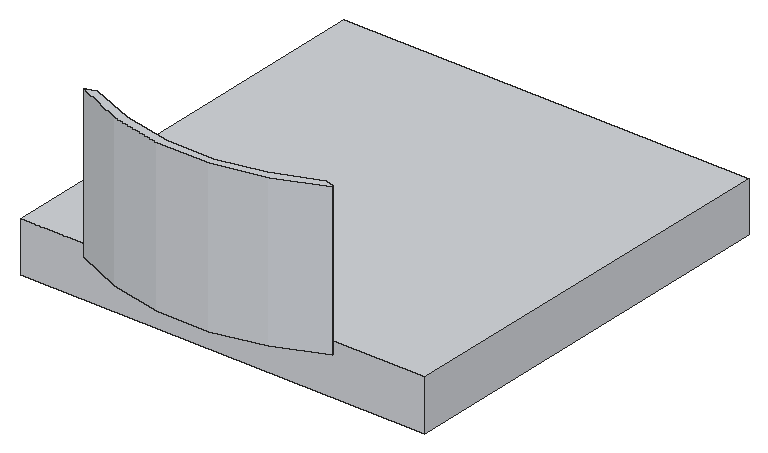
Revit family
Parameters
  Width = 0' - 1 15/16"
  URL = "www.coldspringgranite.com"
  TypicalJointSize = 0' - 0 1/4"
  TopJointOff = no
  TopJoint = if(TopJointOff, 0' 0", TypicalJointSize / 2)  # 0' - 0 1/8"
  StoneMaterial = none
  StoneAngle = 60.00°
  QuirkMiterRightVisibilityOff = not(QuirkMiterRightOn)  # no
  QuirkMiterRightProfileOn = if(QuirkMiterRightOn, 0' 0", Height * 2)  # 0' - 0"
  QuirkMiterRightOn = yes
  QuirkMiterLeftVisibilityOff = not(QuirkMiterLeftOn)  # no
  QuirkMiterLeftProfileOn = if(QuirkMiterLeftOn, 0' 0", Height * 2)  # 0' - 0"
  QuirkMiterLeftOn = yes
  QuirkMiterJoint = TypicalJointSize / 2  # 0' - 0 1/8"
  QuirkMiterFaceAngle = 2 * (asin(QuirkMiter / (2 * OutsideRadius)))  # 0.477466°
  QuirkMiterAngle = 45.00°
  QuirkMiter = 0' - 0 1/2"
  Product Name = "Wall Facing Stone Panels - Radial - Convex with Quirk Mitered Edges"
  Product Documentation Link = "http://www.coldspringgranite.com/BIM_Families/Family_Detail/Wall_Facing_Stone_Panels_-_Radial_-_Convex_with_Quirk_Mitered_Edges/"
  PhoneNumber = "800-551-7502"
  OutsideRise = OutsideRadius - (OutsideRadius * cos(StoneAngle / 2))  # 0' - 8.03848"
  OutsideRadius = 5' - 0"
  Notes = ""
  Model = "N/A"
  Manufacturer = "Cold Spring granite Company"
  Low Emitting Material = yes
  Low Emitting Finish = yes
  Location = "17482 Granite West Road, Cold Spring, MN  56320-4578"
  Length = 2 * (OutsideRadius * sin(StoneAngle / 2))  # 5' - 0"
  LEED Credit = ""
  Keynote = "044256"
  InsideRise = InsideRadius - (InsideRadius * cos(StoneAngle / 2))  # 0' - 7.7789"
  InsideRadius = OutsideRadius - Width  # 4' - 10 1/16"
  Height = 3' - 0"
  FrontHalfLengthRight = if(QuirkMiterRightOn, (OutsideRadius * sin((StoneAngle - (QuirkMiterFaceAngle * 2)) / 2)), (Length / 2))  # 2' - 5.56595"
  FrontHalfLengthLeft = if(QuirkMiterLeftOn, (OutsideRadius * sin((StoneAngle - (QuirkMiterFaceAngle * 2)) / 2)), (Length / 2))  # 2' - 5.56595"
  Description = "Convex Radial Wall Facing with Quirk Miter"
  Default Elevation = 0' - 0"
  BottomJointOff = no
  BottomJoint = if(BottomJointOff, 0' 0", TypicalJointSize / 2)  # 0' - 0 1/8"
  BackHalfLength = InsideRadius * sin(StoneAngle / 2)  # 2' - 5 1/32"
  Assembly Code = "B2010160"
Reference planes (in)
  plane 1 "Center (Front/Back)": y = 0
  plane 2: z = 0
  plane 3 "Center (Left/Right)": x = 0
  plane 4 "LeftBack": x = -29.03125
  plane 5 "Left Front": x = -29.56595
  plane 6 "Left": x = -30
  plane 7 "RightBack": x = 29.03125
  plane 8 "RightFront": x = 29.56595
  plane 9 "Right": x = 30
  plane 10 "BackEnds": y = -50.2836
  plane 11 "FrontEnds": y = -51.96152
  plane 12 "BackCenter": y = -58.0625
  plane 13 "FrontCenter": y = -60
  plane 14 "StoneBottom": z = 0.125
  plane 15 "StoneTop": z = 35.875
  plane 16 "Top": z = 36
  plane 17 "LeftTop": z = 35.875
  plane 18 "RightTop": z = 35.875
  plane 19 "LeftBottom": z = 0.125
  plane 20 "RightBottom": z = 0.125
Forms (in)
  Extrusion 1, solid
    sketch origin (0, 0, 0) x (1, 0, 0) y (0, 1, 0)
      loop
        line (-48, 48) -> (-48, -48) -> (48, -48) -> (48, 48) -> (-48, 48)
    from 0 to -12
  Extrusion 2, solid, material <- "StoneMaterial", detail levels coarse
    sketch origin (0, 0, 0) x (1, 0, 0) y (0, 1, 0)
      loop
        arc (-30, -51.96152) -> (0, -60) -> (30, -51.96152) r 60
        line (30, -51.96152) -> (29.03125, -50.2836)
        arc (29.03125, -50.2836) -> (0, -58.0625) -> (-29.03125, -50.2836) r 58.0625
        line (-29.03125, -50.2836) -> (-30, -51.96152)
    from 0 to 36
  Extrusion 3, solid, material <- "StoneMaterial", detail levels medium+fine
    sketch origin (0, 0, 0) x (1, 0, 0) y (0, 1, 0)
      loop
        arc (-30, -51.96152) -> (0, -60) -> (30, -51.96152) r 60
        line (30, -51.96152) -> (29.03125, -50.2836)
        arc (29.03125, -50.2836) -> (0, -58.0625) -> (-29.03125, -50.2836) r 58.0625
        line (-29.03125, -50.2836) -> (-30, -51.96152)
    from 0.125 to 35.875
  Extrusion 4, void, detail levels medium+fine
    sketch origin (0, 0, 0) x (1, 0, 0) y (0, 1, 0)
      loop
        arc (-30, -51.96152) -> (-29.78323, -52.08607) -> (-29.56595, -52.20972) r 60
        line (-29.56595, -52.20972) -> (-29.40538, -51.9316) -> (-27.14562, -51.32611)
        arc (-27.14562, -51.32611) -> (-28.09327, -50.8136) -> (-29.03125, -50.2836) r 58.0625
        line (-29.03125, -50.2836) -> (-30, -51.96152)
    from 0.125 to 35.875
  Extrusion 5, void, detail levels medium+fine
    sketch origin (0, 0, 0) x (1, 0, 0) y (0, 1, 0)
      loop
        line (30, -51.96152) -> (29.03125, -50.2836)
        arc (29.03125, -50.2836) -> (28.09327, -50.8136) -> (27.14562, -51.32611) r 58.0625
        line (27.14562, -51.32611) -> (29.40538, -51.9316) -> (29.56595, -52.20972)
        arc (29.56595, -52.20972) -> (29.78323, -52.08607) -> (30, -51.96152) r 60
    from 0.125 to 35.875
Cuts and joins
  Extrusion 4, Extrusion 5 cuts Extrusion 3
Lines and regions (in)
  Masking region 1, detail levels coarse
    outline origin (0, -60, 0) x (-1, 0, 0) y (0, 0, 1)
      loop
        line (30, 0) -> (30, 36) -> (-30, 36) -> (-30, 0) -> (30, 0)
  Masking region 2, detail levels medium+fine
    outline origin (0, -60, 0) x (-1, 0, 0) y (0, 0, 1)
      loop
        line (29.56595, 35.875) -> (-29.56595, 35.875) -> (-29.56595, 0.125) -> (29.56595, 0.125) -> (29.56595, 35.875)
  Masking region 3, detail levels coarse
    outline origin (0, 0, 0) x (0, 1, 0) y (0, 0, 1)
      loop
        line (-60, 0) -> (-58.0625, 0) -> (-58.0625, 36) -> (-60, 36) -> (-60, 0)
  Masking region 4, detail levels medium+fine
    outline origin (0, 0, 0) x (0, 1, 0) y (0, 0, 1)
      loop
        line (-58.0625, 35.875) -> (-60, 35.875) -> (-60, 0.125) -> (-58.0625, 0.125) -> (-58.0625, 35.875)
  Masking region 5, detail levels coarse
    outline origin (0, 0, 35.875) x (-1, 0, 0) y (0, -1, 0)
      loop
        line (-30, 51.96152) -> (-29.03125, 50.2836)
        arc (-29.03125, 50.2836) -> (0, 58.0625) -> (29.03125, 50.2836) r 58.0625
        line (29.03125, 50.2836) -> (30, 51.96152)
        arc (30, 51.96152) -> (0, 60) -> (-30, 51.96152) r 60
  Masking region 6, visible <- "QuirkMiterLeftOn", detail levels medium+fine
    outline origin (0, 0, 35.875) x (-1, 0, 0) y (0, -1, 0)
      loop
        line (0, 60) -> (0, 58.0625)
        arc (0, 58.0625) -> (13.98449, 56.35324) -> (27.14562, 51.32611) r 58.0625
        line (27.14562, 51.32611) -> (29.40538, 51.9316) -> (29.56595, 52.20972)
        arc (29.56595, 52.20972) -> (15.28752, 58.01975) -> (0, 60) r 60
  Masking region 7, visible <- "QuirkMiterRightOn", detail levels medium+fine
    outline origin (0, 0, 35.875) x (-1, 0, 0) y (0, -1, 0)
      loop
        arc (0, 60) -> (-15.28752, 58.01975) -> (-29.56595, 52.20972) r 60
        line (-29.56595, 52.20972) -> (-29.40538, 51.9316) -> (-27.14562, 51.32611)
        arc (-27.14562, 51.32611) -> (-13.98449, 56.35324) -> (0, 58.0625) r 58.0625
        line (0, 58.0625) -> (0, 60)
  Masking region 8, visible <- "QuirkMiterLeftVisibilityOff", detail levels medium+fine
    outline origin (0, 0, 35.875) x (-1, 0, 0) y (0, -1, 0)
      loop
        line (0, 60) -> (0, 58.0625)
        arc (0, 58.0625) -> (15.02768, 56.08407) -> (29.03125, 50.2836) r 58.0625
        line (29.03125, 50.2836) -> (30, 51.96152)
        arc (30, 51.96152) -> (15.52914, 57.95555) -> (0, 60) r 60
  Masking region 9, visible <- "QuirkMiterRightVisibilityOff", detail levels medium+fine
    outline origin (0, 0, 35.875) x (-1, 0, 0) y (0, -1, 0)
      loop
        arc (0, 60) -> (-15.52914, 57.95555) -> (-30, 51.96152) r 60
        line (-30, 51.96152) -> (-29.03125, 50.2836)
        arc (-29.03125, 50.2836) -> (-15.02768, 56.08407) -> (0, 58.0625) r 58.0625
        line (0, 58.0625) -> (0, 60)
  reference lines
    curve 1: line (-30, -51.96152, 0) -> (-29.03125, -50.2836, 0)
    curve 2: line (30, -51.96152, 0) -> (29.03125, -50.2836, 0)
    curve 3: line (-31.56773, -55.67691, 0) -> (-30.06773, -53.07884, 0)
    curve 4: line (31.56773, -55.67691, 0) -> (30.06773, -53.07884, 0)
    curve 5: line (-30, -51.96152, 0) -> (-21.30667, -49.63215, 0)
    curve 6: line (30, -51.96152, 0) -> (21.30667, -49.63215, 0)
    curve 7: line (-32.18376, -52.67607, 0) -> (-26.33883, -51.10993, 0)
    curve 8: line (29.75, -52.02395, 0) -> (21.05667, -49.69458, 0)
Dimensions and locks (in)
  "Height": plane 16 "Top" to plane 2
  "BottomJoint": plane 14 "StoneBottom" to plane 2
  "TopJoint": plane 16 "Top" to plane 15 "StoneTop"
  "QuirkMiterLeftProfileOn": plane 15 "StoneTop" to plane 17 "LeftTop"
  "QuirkMiterLeftProfileOn": plane 14 "StoneBottom" to plane 19 "LeftBottom"
  "QuirkMiterRightProfileOn": plane 15 "StoneTop" to plane 18 "RightTop"
  "QuirkMiterRightProfileOn": plane 14 "StoneBottom" to plane 20 "RightBottom"
  "OutsideRadius": plane 1 "Center (Front/Back)" to plane 13 "FrontCenter"
  "Width": plane 12 "BackCenter" to plane 13 "FrontCenter"
  "InsideRise": plane 10 "BackEnds" to plane 12 "BackCenter"
  "OutsideRise": plane 11 "FrontEnds" to plane 13 "FrontCenter"
  "BackHalfLength": plane 4 "LeftBack" to plane 3 "Center (Left/Right)"
  "BackHalfLength": plane 3 "Center (Left/Right)" to plane 7 "RightBack"
  "FrontHalfLengthLeft": plane 5 "Left Front" to plane 3 "Center (Left/Right)"
  "FrontHalfLengthRight": plane 3 "Center (Left/Right)" to plane 8 "RightFront"
  equal spacing: plane 6 "Left", plane 3 "Center (Left/Right)", plane 9 "Right"
  "Length": plane 6 "Left" to plane 9 "Right"
  "QuirkMiter": curve 3 to curve 1
  "QuirkMiter": curve 2 to curve 4
  "QuirkMiterJoint": curve 6 to curve 8
  "QuirkMiterJoint": curve 7 to curve 5
  "InsideRadius": radius of Extrusion 2 sketch curve
  "OutsideRadius": radius of Extrusion 2 sketch curve
  "InsideRadius": radius of Extrusion 3 sketch curve
  "OutsideRadius": radius of Extrusion 3 sketch curve
  "OutsideRadius": radius of Extrusion 4 sketch curve
  "InsideRadius": radius of Extrusion 4 sketch curve
  "OutsideRadius": radius of Extrusion 5 sketch curve
  "InsideRadius": radius of Extrusion 5 sketch curve
  "InsideRadius": radius of Masking region 5 sketch curve
  "OutsideRadius": radius of Masking region 5 sketch curve
  "InsideRadius": radius of Masking region 6 sketch curve
  "OutsideRadius": radius of Masking region 6 sketch curve
  "InsideRadius": radius of Masking region 8 sketch curve
  "OutsideRadius": radius of Masking region 8 sketch curve
  "InsideRadius": radius of Masking region 9 sketch curve
  "OutsideRadius": radius of Masking region 9 sketch curve
  "QuirkMiterAngle": angle curve 5 to curve 1
  "QuirkMiterAngle": angle curve 2 to curve 6
  aligned and locked: plane 2 to Extrusion 1
  aligned and locked: level to Extrusion 1
  aligned and locked: curve 2 to plane 11 "FrontEnds"
  aligned and locked: plane 7 "RightBack" to curve 2
  aligned and locked: curve 2 to plane 10 "BackEnds"
  aligned and locked: plane 11 "FrontEnds" to curve 1
  aligned and locked: plane 6 "Left" to curve 1
  aligned and locked: plane 10 "BackEnds" to curve 1
  aligned and locked: plane 4 "LeftBack" to curve 1
  aligned and locked: plane 9 "Right" to curve 6
  aligned and locked: plane 11 "FrontEnds" to Extrusion 2 sketch curve
  aligned and locked: plane 4 "LeftBack" to Extrusion 2 sketch curve
  aligned and locked: plane 10 "BackEnds" to Extrusion 2 sketch curve
  aligned and locked: Extrusion 2 sketch curve to plane 11 "FrontEnds"
  aligned and locked: Extrusion 2 sketch curve to plane 10 "BackEnds"
  aligned and locked: plane 7 "RightBack" to Extrusion 2 sketch curve
  aligned and locked: Extrusion 2 sketch curve to curve 1
  aligned and locked: Extrusion 2 sketch curve to curve 2
  aligned and locked: Extrusion 2 to plane 2
  aligned and locked: Extrusion 2 to plane 16 "Top"
  aligned and locked: plane 11 "FrontEnds" to Extrusion 3 sketch curve
  aligned and locked: plane 4 "LeftBack" to Extrusion 3 sketch curve
  aligned and locked: plane 10 "BackEnds" to Extrusion 3 sketch curve
  aligned and locked: Extrusion 3 sketch curve to plane 11 "FrontEnds"
  aligned and locked: plane 7 "RightBack" to Extrusion 3 sketch curve
  aligned and locked: Extrusion 3 sketch curve to plane 10 "BackEnds"
  aligned and locked: Extrusion 3 sketch curve to curve 1
  aligned and locked: Extrusion 3 sketch curve to curve 2
  aligned and locked: Extrusion 3 to plane 14 "StoneBottom"
  aligned and locked: Extrusion 3 to plane 15 "StoneTop"
  aligned and locked: plane 6 "Left" to Extrusion 4 sketch curve
  aligned and locked: curve 3 to Extrusion 4 sketch curve  (x2)
  aligned and locked: plane 4 "LeftBack" to Extrusion 4 sketch curve
  aligned and locked: plane 10 "BackEnds" to Extrusion 4 sketch curve
  aligned and locked: curve 7 to Extrusion 4 sketch curve  (x2)
  aligned and locked: Extrusion 4 sketch curve to curve 1
  aligned and locked: Extrusion 4 to plane 19 "LeftBottom"
  aligned and locked: plane 17 "LeftTop" to Extrusion 4
  aligned and locked: plane 9 "Right" to Extrusion 5 sketch curve
  aligned and locked: curve 4 to Extrusion 5 sketch curve  (x2)
  aligned and locked: Extrusion 5 sketch curve to plane 10 "BackEnds"
  aligned and locked: plane 7 "RightBack" to Extrusion 5 sketch curve
  aligned and locked: curve 8 to Extrusion 5 sketch curve  (x2)
  aligned and locked: Extrusion 5 sketch curve to curve 2
  aligned and locked: plane 20 "RightBottom" to Extrusion 5
  aligned and locked: Extrusion 5 to plane 18 "RightTop"
  aligned and locked: Masking region 1 sketch curve to plane 2
  aligned and locked: Masking region 1 sketch curve to plane 6 "Left"
  aligned and locked: Masking region 1 sketch curve to plane 9 "Right"
  aligned and locked: Masking region 1 sketch curve to plane 16 "Top"
  aligned and locked: Masking region 2 sketch curve to plane 15 "StoneTop"
  aligned and locked: Masking region 2 sketch curve to plane 14 "StoneBottom"
  aligned and locked: Masking region 2 sketch curve to plane 5 "Left Front"
  aligned and locked: Masking region 2 sketch curve to plane 8 "RightFront"
  aligned and locked: plane 13 "FrontCenter" to Masking region 3 sketch curve
  aligned and locked: plane 12 "BackCenter" to Masking region 3 sketch curve
  aligned and locked: plane 16 "Top" to Masking region 3 sketch curve
  aligned and locked: plane 2 to Masking region 3 sketch curve
  aligned and locked: plane 15 "StoneTop" to Masking region 4 sketch curve
  aligned and locked: plane 14 "StoneBottom" to Masking region 4 sketch curve
  aligned and locked: plane 13 "FrontCenter" to Masking region 4 sketch curve
  aligned and locked: plane 12 "BackCenter" to Masking region 4 sketch curve
  aligned and locked: plane 11 "FrontEnds" to Masking region 5 sketch curve
  aligned and locked: plane 4 "LeftBack" to Masking region 5 sketch curve
  aligned and locked: plane 10 "BackEnds" to Masking region 5 sketch curve
  aligned and locked: plane 9 "Right" to Masking region 5 sketch curve
  aligned and locked: plane 7 "RightBack" to Masking region 5 sketch curve
  aligned and locked: Masking region 5 sketch curve to plane 10 "BackEnds"
  aligned and locked: Masking region 5 sketch curve to curve 1
  aligned and locked: Masking region 5 sketch curve to curve 2
  aligned and locked: plane 3 "Center (Left/Right)" to Masking region 6 sketch curve  (x2)
  aligned and locked: plane 13 "FrontCenter" to Masking region 6 sketch curve
  aligned and locked: plane 12 "BackCenter" to Masking region 6 sketch curve
  aligned and locked: curve 7 to Masking region 6 sketch curve  (x2)
  aligned and locked: curve 3 to Masking region 6 sketch curve
  aligned and locked: plane 3 "Center (Left/Right)" to Masking region 7 sketch curve  (x2)
  aligned and locked: plane 12 "BackCenter" to Masking region 7 sketch curve
  aligned and locked: plane 13 "FrontCenter" to Masking region 7 sketch curve
  aligned and locked: curve 8 to Masking region 7 sketch curve  (x2)
  aligned and locked: curve 4 to Masking region 7 sketch curve
  aligned and locked: plane 3 "Center (Left/Right)" to Masking region 8 sketch curve  (x2)
  aligned and locked: plane 13 "FrontCenter" to Masking region 8 sketch curve
  aligned and locked: plane 12 "BackCenter" to Masking region 8 sketch curve
  aligned and locked: plane 11 "FrontEnds" to Masking region 8 sketch curve
  aligned and locked: plane 4 "LeftBack" to Masking region 8 sketch curve
  aligned and locked: plane 10 "BackEnds" to Masking region 8 sketch curve
  aligned and locked: Masking region 8 sketch curve to curve 1
  aligned and locked: plane 3 "Center (Left/Right)" to Masking region 9 sketch curve  (x2)
  aligned and locked: plane 13 "FrontCenter" to Masking region 9 sketch curve
  aligned and locked: plane 12 "BackCenter" to Masking region 9 sketch curve
  aligned and locked: Masking region 9 sketch curve to plane 11 "FrontEnds"
  aligned and locked: plane 7 "RightBack" to Masking region 9 sketch curve
  aligned and locked: Masking region 9 sketch curve to plane 10 "BackEnds"
  aligned and locked: Masking region 9 sketch curve to curve 2
Automatic sketch dimensions
  Extrusion 1 sketch curve to Extrusion 1 sketch curve = 8' - 0"  (x2)
  curve 8 to plane 9 "Right" = 0' - 0 1/4"
  plane 13 "FrontCenter" to curve 3 = 0' - 4.32309"
  curve 7 to curve 3 = 0' - 0.61603"
  plane 13 "FrontCenter" to curve 3 = 0' - 6.92116"
  plane 13 "FrontCenter" to curve 7 = 0' - 8.89007"
  plane 13 "FrontCenter" to curve 4 = 0' - 6.92116"
  plane 13 "FrontCenter" to curve 4 = 0' - 4.32309"
  curve 8 to curve 6 = 0' - 0 1/4"
  Extrusion 4 sketch curve to Extrusion 4 sketch curve = 0' - 0"
  Extrusion 4 sketch curve to plane 3 "Center (Left/Right)" = 0' - 0"
  Extrusion 5 sketch curve to Extrusion 5 sketch curve = 0' - 0"
  Extrusion 5 sketch curve to plane 3 "Center (Left/Right)" = 0' - 0"
  Masking region 7 sketch curve to Masking region 7 sketch curve = 0' - 0"
  plane 1 "Center (Front/Back)" to Masking region 7 sketch curve = 0' - 0"
Nested families (in)
  nested 1: "CopyRight" at (0, 0, 0), type "CopyRight"
Definition of nested family "CopyRight"
  Parameters (values of type "CopyRight")
    CopyRight = "Cold Spring Granite Company"
  Reference planes (in)
    plane 1: z = 0
